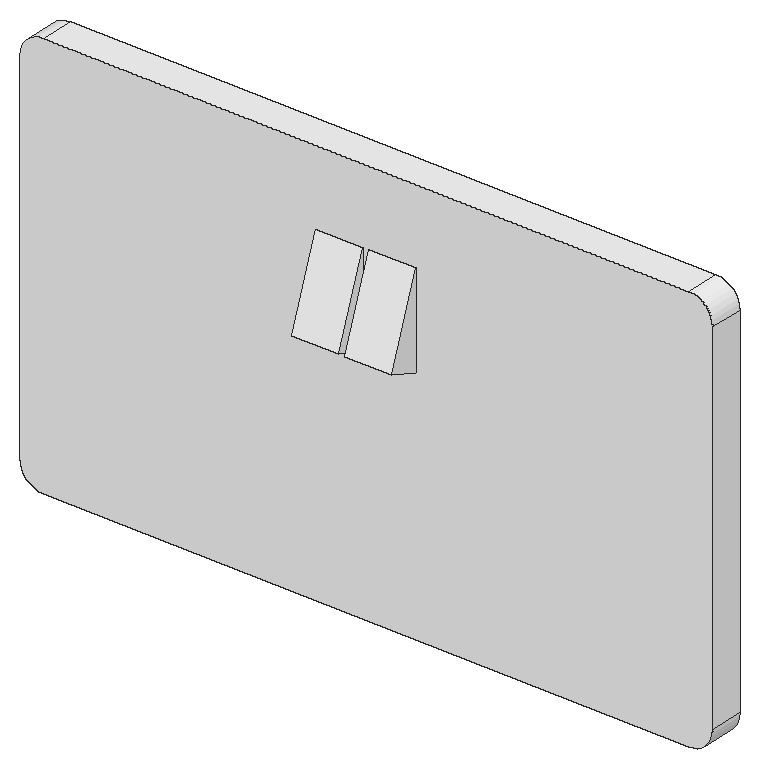
Revit family "IDP_Electrical Fixtures_OUT010-TWIN SOCKET OUTLET", category Electrical Fixtures, Revit 2026
Family settings
  Round Connector Dimension = Use Diameter
  Part Type = Normal
  Work Plane-Based = No
  Always vertical = Yes
  Cut with Voids When Loaded = No
  Maintain Annotation Orientation = No
  Shared = Yes
  Room Calculation Point = No
Parameters (values of type "OUT010")
  WarrantyStartDate [instance] = "1900-12-31T23:59:59"
  WarrantyGuarantorParts = "n/a"
  WarrantyGuarantorLabor = "n/a"
  WarrantyDurationUnit = "year"
  WarrantyDurationParts = "n/a"
  WarrantyDurationLabor = "n/a"
  WarrantyDescription = "n/a"
  Version = "2"  # constant formula
  UsageCurrent = 0
  Uniclass2015_Pr = "Pr_65_72_97_19 : Combination socket outlet units"
  Uniclass2015Version = "Products v1.1"  # constant formula
  Uniclass2015Reference = "Pr_65_72_97_84"
  Uniclass2015Description = "Standard socket outlets"
  Uniclass2 = "45-65-27/484"
  Type IFC Predefined Type = "POWEROUTLET"
  TagNumber [instance] = "n/a"
  SustainabilityPerformance = "n/a"
  Standard = "To BS 1363-2"
  Size = "146 x 83.2 x 44.3 mm"
  Shape = "n/a"
  SerialNumber [instance] = "n/a"
  SFG20 = ""
  Revision = "n/a"
  ReplacementCost = "n/a"
  ProductInformation = "n/a"
  PhaseReference = "n/a"
  PhaseAngle = 0.00°
  OutletMaterial = NBS_Concept
  NumberOfPoles = 0
  NominalWidth = 44.3 mm
  NominalVoltage = "0.0 , 0.0"
  NominalLength = 146 mm
  NominalHeight = 83.2 mm
  NominalFrequencyRange = "0.0 , 0.0"
  NominalCurrent = 0
  Name = "HealthCareTwinSocketOutlet_OUT010_StandardSocketOutlets"
  NRM3 = ""
  NRM1 = ""
  NBSTypeID = "n/a"
  NBSReference = "90-60-25/345"
  NBSOfficeMasterTag = "n/a"
  NBSNote = "n/a"
  NBSDescription = "Standard socket outlets"
  NBSCertification = "www.nationalbimlibrary.com/cert/tbuydnbx"
  Mounting = "Surface"
  ModelReference = "n/a"
  ModelNumber = ADBCode  # "OUT010"
  ManufacturerURL = "n/a"
  ManufacturerName = "n/a"
  Manufacturer = ""
  IsPluggableOutlet = yes
  Interlock = "n/a"
  InsulationStandardClass = "Unset"
  InstallationDate [instance] = "1900-12-31T23:59:59"
  IfcExportType = "POWEROUTLET"  # constant formula
  IfcExportAs = "IfcOutletType"  # constant formula
  IP_Code = "n/a"
  HasProtectiveEarth = yes
  Grade = "n/a"
  Finish = "n/a"
  Features = "n/a"
  Export Type to IFC As = "IfcOutletType"
  ExpectedLife = "n/a"
  ElevationHeight = 0 mm
  ElectricalDeviceNominalPower = 0
  DurationUnit = "year"
  Description = "TWIN SOCKET OUTLET"
  Default Elevation = 0 mm
  ControlType = "Switched"
  ControlSwitchPosition = "n/a"
  ControlIndicatorLamp = "n/a"
  Constituents = "n/a"
  CodePerformance = "n/a"
  Category = "Pr_65_72_97_84:Standard socket outlets"
  BarCode [instance] = "n/a"
  BIMObjectName = "NBS_StandardSocketOutlets_HealthCareTwinSocketOutlet_OUT010"
  Author = "NBS"  # constant formula
  AssetType = "Fixed"
  AssetIdentifier [instance] = "n/a"
  Arrangement = "Twin"
  Accessories = "n/a"
  AccessibilityPerformance = "n/a"
  ADBUserData1 = "R1"
  ADBGroup = "1"
  ADBDescription = "SOCKET, outlet, switched, 13 amp, twin"
  ADBCode = "OUT010"
Reference planes
  plane 1 "Center (Front/Back)": y = 0
  plane 2: z = 0
  plane 3 "Center (Left/Right)": x = 0
  plane 4: z = 0
  plane 5: z = 86
Forms (mm)
  Extrusion 1, solid, material "NBS_Concept" <- "OutletMaterial", detail levels medium+fine
    sketch origin (0, 10.929, -400) x (1, 0, 0) y (0, 0, 1)
      loop
        line (-68, 400) -> (68, 400)
        arc (68, 400) -> (71.536, 401.464) -> (73, 405) r 5
        line (73, 405) -> (73, 481)
        arc (73, 481) -> (71.536, 484.536) -> (68, 486) r 5
        line (68, 486) -> (-68, 486)
        arc (-68, 486) -> (-71.536, 484.536) -> (-73, 481) r 5
        line (-73, 481) -> (-73, 405)
        arc (-73, 405) -> (-71.536, 401.464) -> (-68, 400) r 5
    from 10.929 to 18.103
  Extrusion 2, solid, material "NBS_Concept" <- "OutletMaterial"
    sketch origin (0, 37.1, -400) x (0, 1, 0) y (0, 0, 1)
      loop
        line (-44.273, 470.18) -> (-50.6, 452.798) -> (-44.273, 450.495) -> (-44.273, 470.18)
    from -10.574 to -0.649
  Extrusion 3, solid, material "NBS_Concept" <- "OutletMaterial"
    sketch origin (11.222, 37.013, -399.933) x (0, 1, 0) y (0, 0, 1)
      loop
        line (-44.273, 470.18) -> (-50.6, 452.798) -> (-44.273, 450.495) -> (-44.273, 470.18)
    from -10.574 to -0.649
  Extrusion 4, solid, material "NBS_Concept" <- "OutletMaterial", detail levels coarse
    sketch origin (0, -7.174, -400) x (1, 0, 0) y (0, 0, 1)
      loop
        line (-73, 486) -> (-73, 400) -> (73, 400) -> (73, 486) -> (-73, 486)
    from -7.174 to 0
Lines and regions (mm)
  Filled region 1, type "Filled region 2"
    outline origin (-8.387, -67.949, 0) x (1, 0, 0) y (0, 1, 0)
      loop
        circle (-36.654, -41.485) r 5
      loop
        circle (53.427, -41.485) r 5
  model lines, detail levels coarse+fine
    curve 1: line (-22.682, -7.174, 30) -> (-50.318, -7.174, 30)
    curve 2: line (-50.318, -7.174, 37) -> (-42.054, -7.174, 37)
    curve 3: line (-30.946, -7.174, 37) -> (-22.682, -7.174, 37)
    curve 4: line (-33, -7.174, 53.736) -> (-33, -7.174, 39.054)
    curve 5: line (-40, -7.174, 39.054) -> (-40, -7.174, 53.736)
    curve 6: line (-38.736, -7.174, 55) -> (-34.264, -7.174, 55)
    curve 7: line (-51.5, -7.174, 35.818) -> (-51.5, -7.174, 31.182)
    curve 8: arc (-42.054, -7.174, 37) -> (-40.602, -7.174, 37.602) -> (-40, -7.174, 39.054) r 2.054
    curve 9: arc (-33, -7.174, 39.054) -> (-32.398, -7.174, 37.602) -> (-30.946, -7.174, 37) r 2.054
    curve 10: arc (-51.5, -7.174, 35.818) -> (-51.154, -7.174, 36.654) -> (-50.318, -7.174, 37) r 1.182
    curve 11: arc (-50.318, -7.174, 30) -> (-51.154, -7.174, 30.346) -> (-51.5, -7.174, 31.182) r 1.182
    curve 12: arc (-40, -7.174, 53.736) -> (-39.63, -7.174, 54.63) -> (-38.736, -7.174, 55) r 1.264
    curve 13: arc (-33, -7.174, 53.736) -> (-33.37, -7.174, 54.63) -> (-34.264, -7.174, 55) r 1.264
    curve 14: line (-21.5, -7.174, 35.818) -> (-21.5, -7.174, 31.182)
    curve 15: arc (-21.5, -7.174, 35.818) -> (-21.846, -7.174, 36.654) -> (-22.682, -7.174, 37) r 1.182
    curve 16: arc (-22.682, -7.174, 30) -> (-21.846, -7.174, 30.346) -> (-21.5, -7.174, 31.182) r 1.182
    curve 17: line (50.318, -7.174, 30) -> (22.682, -7.174, 30)
    curve 18: line (50.318, -7.174, 37) -> (42.054, -7.174, 37)
    curve 19: line (30.946, -7.174, 37) -> (22.682, -7.174, 37)
    curve 20: line (33, -7.174, 53.736) -> (33, -7.174, 39.054)
    curve 21: line (40, -7.174, 39.054) -> (40, -7.174, 53.736)
    curve 22: line (38.736, -7.174, 55) -> (34.264, -7.174, 55)
    curve 23: line (51.5, -7.174, 35.818) -> (51.5, -7.174, 31.182)
    curve 24: arc (42.054, -7.174, 37) -> (40.602, -7.174, 37.602) -> (40, -7.174, 39.054) r 2.054
    curve 25: arc (33, -7.174, 39.054) -> (32.398, -7.174, 37.602) -> (30.946, -7.174, 37) r 2.054
    curve 26: arc (51.5, -7.174, 35.818) -> (51.154, -7.174, 36.654) -> (50.318, -7.174, 37) r 1.182
    curve 27: arc (50.318, -7.174, 30) -> (51.154, -7.174, 30.346) -> (51.5, -7.174, 31.182) r 1.182
    curve 28: arc (40, -7.174, 53.736) -> (39.63, -7.174, 54.63) -> (38.736, -7.174, 55) r 1.264
    curve 29: arc (33, -7.174, 53.736) -> (33.37, -7.174, 54.63) -> (34.264, -7.174, 55) r 1.264
    curve 30: line (21.5, -7.174, 35.818) -> (21.5, -7.174, 31.182)
    curve 31: arc (21.5, -7.174, 35.818) -> (21.846, -7.174, 36.654) -> (22.682, -7.174, 37) r 1.182
    curve 32: arc (22.682, -7.174, 30) -> (21.846, -7.174, 30.346) -> (21.5, -7.174, 31.182) r 1.182
    curve 33: line (0, -7.174, 72.055) -> (-10, -7.174, 72.055)
    curve 34: line (-11.768, -7.174, 70.288) -> (-11.768, -7.174, 50.288)
    curve 35: line (-10, -7.174, 48.52) -> (10, -7.174, 48.52)
    curve 36: arc (-11.768, -7.174, 50.288) -> (-11.25, -7.174, 49.038) -> (-10, -7.174, 48.52) r 1.768
    curve 37: arc (-11.768, -7.174, 70.288) -> (-11.25, -7.174, 71.538) -> (-10, -7.174, 72.055) r 1.768
    curve 38: line (0, -7.174, 72.055) -> (10, -7.174, 72.055)
    curve 39: line (11.768, -7.174, 70.288) -> (11.768, -7.174, 50.288)
    curve 40: arc (11.768, -7.174, 50.288) -> (11.25, -7.174, 49.038) -> (10, -7.174, 48.52) r 1.768
    curve 41: arc (11.768, -7.174, 70.288) -> (11.25, -7.174, 71.538) -> (10, -7.174, 72.055) r 1.768
  model lines
    curve 42: line (-38.25, -7.174, 51.395) -> (-34.75, -7.174, 51.395)
    curve 43: line (-38.25, -7.174, 46.395) -> (-38.25, -7.174, 51.395)
    curve 44: line (-34.75, -7.174, 46.395) -> (-38.25, -7.174, 46.395)
    curve 45: line (-34.75, -7.174, 51.395) -> (-34.75, -7.174, 46.395)
    curve 46: line (-30.283, -7.174, 35.25) -> (-25.283, -7.174, 35.25)
    curve 47: line (-30.283, -7.174, 31.75) -> (-30.283, -7.174, 35.25)
    curve 48: line (-25.283, -7.174, 31.75) -> (-30.283, -7.174, 31.75)
    curve 49: line (-25.283, -7.174, 35.25) -> (-25.283, -7.174, 31.75)
    curve 50: line (-42.717, -7.174, 31.75) -> (-47.717, -7.174, 31.75)
    curve 51: line (-42.717, -7.174, 35.25) -> (-42.717, -7.174, 31.75)
    curve 52: line (-47.717, -7.174, 35.25) -> (-42.717, -7.174, 35.25)
    curve 53: line (-47.717, -7.174, 31.75) -> (-47.717, -7.174, 35.25)
    curve 54: line (25.186, -7.174, 35.25) -> (30.186, -7.174, 35.25)
    curve 55: line (25.186, -7.174, 31.75) -> (25.186, -7.174, 35.25)
    curve 56: line (30.186, -7.174, 31.75) -> (25.186, -7.174, 31.75)
    curve 57: line (30.186, -7.174, 35.25) -> (30.186, -7.174, 31.75)
    curve 58: line (34.653, -7.174, 46.395) -> (38.153, -7.174, 46.395)
    curve 59: line (34.653, -7.174, 51.395) -> (34.653, -7.174, 46.395)
    curve 60: line (38.153, -7.174, 51.395) -> (34.653, -7.174, 51.395)
    curve 61: line (38.153, -7.174, 46.395) -> (38.153, -7.174, 51.395)
    curve 62: line (42.621, -7.174, 35.25) -> (47.621, -7.174, 35.25)
    curve 63: line (42.621, -7.174, 31.75) -> (42.621, -7.174, 35.25)
    curve 64: line (47.621, -7.174, 31.75) -> (42.621, -7.174, 31.75)
    curve 65: line (47.621, -7.174, 35.25) -> (47.621, -7.174, 31.75)
  symbolic lines
    curve 66: arc (-90.04, -59.434, 0) -> (-45.04, -104.434, 0) -> (-0.04, -59.434, 0) r 45
    curve 67: line (-45.04, -14.057, 0) -> (-45.04, -126.475, 0)
    curve 68: arc (90.04, -59.434, 0) -> (45.04, -104.434, 0) -> (0.04, -59.434, 0) r 45
    curve 69: line (45.04, -14.057, 0) -> (45.04, -126.475, 0)
    curve 70: line (-90.04, -59.434, 0) -> (90.04, -59.434, 0)
    curve 71: line (-73, 0, 0) -> (73, 0, 0)
    curve 72: line (-73, -14.057, 0) -> (-73, 0, 0)
    curve 73: line (73, -14.057, 0) -> (-73, -14.057, 0)
    curve 74: line (73, 0, 0) -> (73, -14.057, 0)
Dimensions and locks
  "ElevationHeight": plane 4 to plane 2
  locked: plane 5 to plane 4 at 86
  aligned and locked: level to plane 2
  aligned and locked: Extrusion 4 sketch curve to Extrusion 1  (x2)
  aligned and locked: Extrusion 4 sketch curve to plane 5
  aligned and locked: Extrusion 4 sketch curve to plane 4
  aligned and locked: Extrusion 4 to Extrusion 1
Automatic sketch dimensions
  Extrusion 1 sketch curve to plane 4 = 0 mm
  Extrusion 1 sketch curve to plane 5 = 0 mm
  Extrusion 1 sketch curve to plane 4 = 5 mm  (x2)
  Extrusion 1 sketch curve to plane 3 "Center (Left/Right)" = 73 mm
  Extrusion 1 sketch curve to Extrusion 1 sketch curve = 5 mm  (x2)
  plane 3 "Center (Left/Right)" to Extrusion 1 sketch curve = 68 mm
  curve 7 to Extrusion 1 = 21.5 mm
  curve 10 to curve 2 = 1.182 mm
  curve 11 to curve 1 = 1.182 mm
  curve 11 to curve 50 = 2.601 mm
  curve 50 to curve 50 = 5 mm
  curve 51 to curve 8 = 0.664 mm
  curve 8 to curve 5 = 2.054 mm
  curve 5 to curve 12 = 1.264 mm
  curve 12 to curve 44 = 0.486 mm
  curve 42 to curve 42 = 3.5 mm
  curve 42 to curve 6 = 0.486 mm
  curve 13 to curve 4 = 1.264 mm
  curve 9 to curve 9 = 2.054 mm
  curve 3 to curve 47 = 0.664 mm
  curve 47 to curve 48 = 5 mm
  curve 46 to curve 15 = 2.601 mm
  curve 48 to curve 16 = 2.601 mm
  curve 16 to curve 14 = 1.182 mm
  curve 34 to Extrusion 1 = 15.712 mm
  curve 4 to curve 34 = 21.232 mm
  curve 37 to curve 33 = 1.768 mm
  curve 36 to curve 36 = 1.768 mm
  curve 33 to curve 38 = 10 mm
  curve 33 to curve 41 = 10 mm
  curve 35 to curve 35 = 20 mm
  curve 41 to curve 39 = 1.768 mm
  curve 40 to curve 30 = 11.5 mm
  curve 30 to curve 32 = 1.182 mm
  curve 31 to curve 31 = 1.182 mm
  curve 32 to curve 55 = 2.504 mm
  curve 55 to curve 56 = 5 mm
  curve 54 to curve 25 = 0.76 mm
  curve 25 to curve 20 = 2.054 mm
  curve 29 to curve 29 = 1.264 mm
  curve 29 to curve 58 = 0.389 mm
  curve 58 to curve 58 = 3.5 mm
  curve 60 to curve 22 = 0.583 mm
  curve 20 to curve 21 = 7 mm
  curve 24 to curve 24 = 2.054 mm
  curve 24 to curve 64 = 0.567 mm
  curve 62 to curve 62 = 5 mm
  curve 64 to curve 17 = 2.698 mm
  curve 62 to curve 26 = 2.698 mm
  curve 26 to curve 23 = 1.182 mm
  curve 22 to curve 41 = 15.288 mm
  curve 6 to curve 34 = 15.288 mm
  curve 59 to curve 29 = 2.341 mm
  curve 45 to curve 13 = 2.341 mm
  curve 36 to curve 37 = 20 mm
  curve 61 to curve 60 = 5 mm
  curve 45 to curve 42 = 5 mm
  curve 4 to curve 44 = 7.341 mm
  curve 21 to curve 58 = 7.341 mm
  curve 20 to curve 21 = 0 mm
  curve 8 to curve 43 = 7.341 mm
  curve 52 to curve 2 = 1.75 mm
  curve 62 to curve 24 = 1.75 mm
  curve 49 to curve 15 = 0.568 mm
  curve 57 to curve 19 = 1.75 mm
  curve 47 to curve 46 = 3.5 mm
  curve 64 to curve 62 = 3.5 mm
  curve 57 to curve 54 = 3.5 mm
  curve 53 to curve 52 = 3.5 mm
  curve 16 to curve 48 = 0.568 mm
  curve 23 to curve 64 = 0.568 mm
  plane 1 "Center (Front/Back)" to Extrusion 2 sketch curve = 13.5 mm
  Extrusion 2 sketch curve to Extrusion 2 sketch curve = 6.327 mm
  plane 5 to Extrusion 2 sketch curve = 35.505 mm
  Extrusion 2 sketch curve to Extrusion 2 sketch curve = 2.303 mm
  plane 1 "Center (Front/Back)" to Extrusion 3 sketch curve = 13.587 mm
  Extrusion 3 sketch curve to Extrusion 3 sketch curve = 6.327 mm
  plane 5 to Extrusion 3 sketch curve = 35.438 mm
  Extrusion 3 sketch curve to Extrusion 3 sketch curve = 2.303 mm
  Filled region 1 sketch curve to plane 3 "Center (Left/Right)" = 45.04 mm
  plane 3 "Center (Left/Right)" to Filled region 1 sketch curve = 45.04 mm
  plane 1 "Center (Front/Back)" to Filled region 1 sketch curve = 109.434 mm  (x2)
  plane 1 "Center (Front/Back)" to curve 71 = 0 mm
  curve 70 to plane 3 "Center (Left/Right)" = 90.04 mm
  curve 66 to curve 71 = 17.04 mm
  curve 70 to curve 66 = 45 mm
  plane 3 "Center (Left/Right)" to curve 68 = 45.04 mm
  curve 68 to curve 74 = 27.96 mm
  curve 68 to curve 70 = 45 mm
  curve 66 to curve 67 = 45.377 mm
  curve 67 to plane 3 "Center (Left/Right)" = 45.04 mm
  curve 69 to curve 73 = 27.96 mm
  plane 1 "Center (Front/Back)" to curve 69 = 14.057 mm
  curve 69 to curve 68 = 67.041 mm
  curve 67 to curve 66 = 67.041 mm
  radius of Filled region 1 sketch curve = 5 mm  (x2)
Connectors
  electrical at (0, 0, 43)
    settings: on Extrusion 1, index 1, voltage 0 V, apparent load 0 VA, apparent load phase1 0 VA, apparent load phase2 0 VA, apparent load phase3 0 VA, power factor 1, load classification "Other", number of poles 1, system type 31, power factor state 1, is connector primary yes, connector utility no, sub classification motor no, connector description ""
